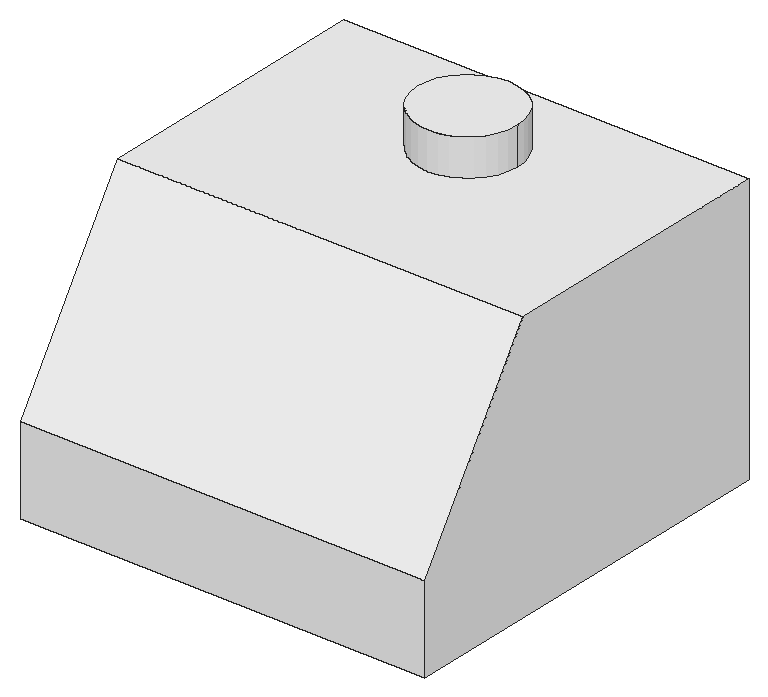
Revit family "v-624_6047k(l)8_k9(-bk)(-bl)_50Hz", category 機械設備, Revit 2019
Family settings
  丸型コネクタ寸法 = 直径を使用
  パーツ タイプ = 標準
  OmniClass 番号 = 23.75.35.17.27
  OmniClass タイトル = Centrifugal Fans
  作業面ベース = いいえ
  常に垂直 = はい
  ロード時にボイドで切り取り = いいえ
  共有 = いいえ
  部屋計算ポイント = いいえ
Parameters (values of type "V-602K9-M")
  騒音レベル(dB(A)) = 36
  風量 = 445.0 m³/h
  電源種別 [instance] = ""
  電圧 = 100 V
  電動機出力 = 0 W
  電動機_種別 = ""
  集中コントローラ = ""
  運転質量 = 0.00 kg
  連動 [instance] = ""
  質量 = if(製品質量 > 運転質量, 製品質量, 運転質量) * 1.2  # 16.80 kg
  負荷分類 = 3_ファン類
  説明 = "レンジフードファン 深形 上幕板なしタイプ"
  設計風量 = 0.0 m³/h
  設置方法 = "天吊"
  記号 [instance] = ""
  製造元 = "三菱電機株式会社"
  製品質量 = 14.00 kg
  製品出荷対象 = "国内"
  製品リリース年月 = "2022年6月1日"
  製品グループ = ""
  系統 [instance] = ""
  符号 = if(☑給気／□排気, "FS", "FE")  # "FE"
  積算_科目 = "2 換気設備"
  積算_拾い区分 [instance] = ""
  相 = 1
  盤記号 [instance] = ""
  発停方法 [instance] = ""
  特殊仕様 [instance] = ""
  火災停止 [instance] = ""
  消費電力 = 50 W
  法定耐用年数 = "15"
  機外静圧_排気 = 210.0 Pa
  機外静圧 = 0.0 Pa
  極数 = 2
  材質 [instance] = ""
  操作・制御方式 = ""
  操作・制御スイッチ = ""
  排気量 = 0.0 m³/h
  形式 = "片吸込形"
  幹線記号 [instance] = ""
  対象室 [instance] = ""
  実風量 = 0.0 m³/h
  始動方式 [instance] = "直入"
  天吊用穴_D_後・上配管 = 255 mm
  天吊用穴_D_右・左配管 = 290 mm
  天吊用穴_ピッチ = 480 mm
  外気量 = 0.0 m³/h
  呼称 = "遠心送風機"
  周波数 = 50 Hz
  参照している仕様書等のバージョン = ""
  分類コード = "50052503100060"
  分類グループ = ""
  価格 = 86900
  企業コード = "108420"
  付属品_フィルター_還気 = ""
  付属品_フィルター = ""
  付属品 [instance] = ""
  仕様書バージョン = "Version1.0"
  モデル = "V-602K9-M"
  マテリアル = 鋼板(白)
  ファンの種類 = ""
  ダクト径 = 150 mm
  コメント [instance] = ""
  Keynote = ""
  Assembly Code = ""
  ☑給気／□排気 = no
  Width = 600 mm
  W1 = Width / 2  # 300 mm
  Version = ""
  Uniclass2015Version = "Systems v1.9"
  Uniclass2015Title = "Centrifugal fans"
  Uniclass2015Code = "Pr_65_67_29_12"
  URL = "https://www.mitsubishielectric.co.jp/ldg/wink/ssl/displayProduct.do?pid=320892"
  SpecificationReference = ""
  SpecificationDescription = ""
  Revision = ""
  ProductInformation = ""
  OmniClassCode = "23-33 31 19 13 15"
  MIN風量 = 295.0 m³/h
  MIN静圧 = 0.0 Pa
  MID風量 = 0.0 m³/h
  MID静圧 = 0.0 Pa
  MAX風量 = 445.0 m³/h
  MAX静圧 = 0.0 Pa
  IfcTypeProduct = ""
  IfcProduct = ""
  IfcExportType = "CENTRIFUGALFORWARDCURVED"
  IfcExportAs = "IfcFanType"
  Height = 400 mm
  H2 = 600 mm
  H1 = 129 mm
  EAサイズ_D = 148 mm
  Duct_Height = 55 mm
  Duct_D = 145 mm
  Depth = 600 mm
  D3 = 55 mm
  D2 = 400 mm
  D1 = 419 mm
  Clearance Top = 0 mm
  Clearance Right = 0 mm
  Clearance Left = 0 mm
  Clearance Front = 0 mm
  Clearance Bottom = 0 mm
  Clearance Back = 0 mm
  Author = "三菱電機株式会社"
Types (2, lengths in mm): name | モデル | マテリアル | URL
  V-602K9-M | "V-602K9-M" | 鋼板(白) | "https://www.mitsubishielectric.co.jp/ldg/wink/ssl/displayProduct.do?pid=320892"
  V-602K9-BK-M | "V-602K9-BK-M" | 鋼板(黒) | "https://www.mitsubishielectric.co.jp/ldg/wink/ssl/displayProduct.do?pid=320891"
Reference planes
  plane 1 "中心(正面/背面)": y = 0
  plane 2: z = 0
  plane 3 "中心(左/右)": x = 0
  plane 4: x = -300
  plane 5: x = 300
  plane 6: y = -600
  plane 7: z = -400
  plane 8: z = -271
  plane 9: z = 55
  plane 10: y = -300
  plane 11: y = -419
  plane 12: y = -145
  plane 13: x = -240
  plane 14: x = 240
  plane 15: y = -255
  plane 16: y = -290
  plane 17: x = -150
  plane 18: x = 150
Forms (mm)
  Extrusion 1, solid, material "鋼板(白)" <- "マテリアル", detail levels fine
    sketch origin (0, 0, 0) x (1, 0, 0) y (0, 1, 0)
      loop
        line (-300, 0) -> (-300, -419) -> (300, -419) -> (300, 0) -> (-300, 0)
    from -400 to 0
  Blend 2, solid, material "鋼板(白)" <- "マテリアル", detail levels fine
    base sketch origin (0, 0, 0) x (1, 0, 0) y (0, 0, 1)
      loop
        line (-300, -400) -> (300, -400) -> (300, 0) -> (-300, 0) -> (-300, -400)
    top sketch origin (0, 0, 0) x (1, 0, 0) y (0, 0, 1)
      loop
        line (-300, -400) -> (300, -400) -> (300, -271) -> (-300, -271) -> (-300, -400)
    from 419 to 600
  Extrusion 3, solid, material "鋼板(白)" <- "マテリアル", detail levels fine
    sketch origin (0, 0, 0) x (1, 0, 0) y (0, 1, 0)
      loop
        circle (0, -145) r 74
    from 0 to 55
Cuts and joins
  joined: Extrusion 1, Blend 2
Lines and regions (mm)
  Masking region 1, detail levels coarse+medium
    outline origin (1326.5, 29, 0) x (1, 0, 0) y (0, 1, 0)
      loop
        line (-1626.5, -29) -> (-1626.5, -629) -> (-1026.5, -629) -> (-1026.5, -29) -> (-1626.5, -29)
  symbolic lines, detail levels coarse+medium
    curve 1: circle (-150, -300, 0) r 150 normal (0, 0, 1)
    curve 2: circle (150, -300, 0) r 150 normal (0, 0, 1)
Dimensions and locks
  equal spacing: plane 4, plane 3 "中心(左/右)", plane 5
  "Width": plane 4 to plane 5
  equal spacing: plane 6, plane 10, plane 1 "中心(正面/背面)"
  "Depth": plane 1 "中心(正面/背面)" to plane 6
  "D1": plane 1 "中心(正面/背面)" to plane 11
  "Duct_D": plane 1 "中心(正面/背面)" to plane 12
  "Height": level to plane 7
  "Duct_Height": plane 9 to level
  "H1": plane 8 to plane 7
  "天吊用穴_ピッチ": plane 13 to plane 14
  equal spacing: plane 13, plane 3 "中心(左/右)", plane 14
  "天吊用穴_D_後・上配管": plane 1 "中心(正面/背面)" to plane 15
  "天吊用穴_D_右・左配管": plane 1 "中心(正面/背面)" to plane 16
  equal spacing: plane 4, plane 17, plane 3 "中心(左/右)"
  equal spacing: plane 3 "中心(左/右)", plane 18, plane 5
  "EAサイズ_D": diameter of Extrusion 3 sketch curve
  "W1": diameter of curve 1
  "W1": diameter of curve 2
  aligned and locked: level to plane 2
  aligned and locked: Masking region 1 to plane 4
  aligned and locked: plane 5 to Masking region 1
  aligned and locked: Masking region 1 to plane 6
  aligned and locked: Masking region 1 to plane 1 "中心(正面/背面)"
  aligned and locked: plane 1 "中心(正面/背面)" to Extrusion 1 sketch curve
  aligned and locked: plane 4 to Extrusion 1 sketch curve
  aligned and locked: plane 11 to Extrusion 1 sketch curve
  aligned and locked: Extrusion 1 sketch curve to plane 5
  aligned and locked: Blend 2 sketch curve to plane 7  (x2)
  aligned and locked: level to Blend 2 sketch curve
  aligned and locked: Blend 2 sketch curve to plane 5
  aligned and locked: Blend 2 sketch curve to plane 4
  aligned and locked: var sketch to Blend 2 sketch curve
  aligned and locked: Extrusion 1 to plane 7
  aligned and locked: level to Extrusion 1
  aligned and locked: Blend 2 to plane 6
  aligned and locked: plane 11 to Blend 2
  aligned and locked: plane 9 to Extrusion 3
  aligned and locked: Extrusion 3 to level
  aligned and locked: plane 8 to Blend 2 sketch curve
  aligned and locked: nested 1 to plane 16
  aligned and locked: plane 15 to nested 1
  aligned and locked: plane 13 to nested 1
  aligned and locked: plane 14 to nested 1
Automatic sketch dimensions
  Masking region 1 sketch curve to plane 4 = 0 mm
  Masking region 1 sketch curve to plane 5 = 0 mm
  Masking region 1 sketch curve to plane 6 = 0 mm
  plane 1 "中心(正面/背面)" to Masking region 1 sketch curve = 0 mm
  Blend 2 sketch curve to plane 4 = 0 mm
  Extrusion 3 sketch curve to plane 3 "中心(左/右)" = 0 mm
  Extrusion 3 sketch curve to plane 12 = 0 mm
  curve 1 to plane 10 = 0 mm
  curve 1 to plane 17 = 0 mm
  curve 2 to plane 10 = 0 mm
  curve 2 to plane 18 = 0 mm
Nested families
  nested 1: "固定点" at (-240, -290, 0), type "固定点"
    with W 480 mm, D 35 mm
Connectors
  hvac at (0, -145, 55), driven by "ダクト径", driven by "機外静圧", driven by "風量"
    settings: on Extrusion 3, index 1, duct flow 445.0 m³/h, flow factor 0, pres drop 0.0 Pa, loss coef 0, conn angle 0.00°, conn width 304.8 mm, conn height 304.8 mm, conn diameter 150 mm, duct sys type 3, conn prof type 0, flow config 0, flow direction 2, loss method 4, conn ref index -1, conn util no, is conn primary yes, conn desc ""
  electrical at (0, -209.5, 0), driven by "極数", driven by "負荷分類", driven by "電圧", driven by "消費電力"
    settings: on cut or joined group of Extrusion 1, Blend 2, index 2, voltage 100 V, apparent load 50 VA, apparent load phase1 0 VA, apparent load phase2 0 VA, apparent load phase3 0 VA, power factor 1, load classification "3_ファン類", number of poles 2, system type 30, power factor state 1, is connector primary yes, connector utility no, sub classification motor no, connector description ""
Definition of nested family "固定点"
  Parameters (values of type "固定点")
    中心円 = 20 mm
    W [instance] = 1000 mm
    D [instance] = 1000 mm
  Reference planes
    plane 1 "中心(正面/背面)": y = 0
    plane 2: z = 0
    plane 3 "中心(左/右)": x = 0
    plane 4: x = 1000
    plane 5: y = 1000
  Lines and regions (mm)
    symbolic lines, detail levels fine
      curve 1: circle (0, 1000, 0) r 10 normal (0, 0, 1)
      curve 2: circle (0, 0, 0) r 10 normal (0, 0, 1)
      curve 3: circle (1000, 1000, 0) r 10 normal (0, 0, 1)
      curve 4: circle (1000, 0, 0) r 10 normal (0, 0, 1)
      curve 5: line (-200, 1000, 0) -> (1200, 1000, 0)
      curve 6: line (-200, 0, 0) -> (1200, 0, 0)
      curve 7: line (0, 1200, 0) -> (0, -200, 0)
      curve 8: line (1000, 1200, 0) -> (1000, -200, 0)
  Dimensions and locks
    "W": plane 3 "中心(左/右)" to plane 4
    "D": plane 1 "中心(正面/背面)" to plane 5
    "中心円": diameter of curve 1
    "中心円": diameter of curve 2
    "中心円": diameter of curve 3
    "中心円": diameter of curve 4
    aligned and locked: level to plane 2
    aligned and locked: plane 5 to curve 1
    aligned and locked: plane 3 "中心(左/右)" to curve 1
    aligned and locked: plane 3 "中心(左/右)" to curve 2
    aligned and locked: plane 1 "中心(正面/背面)" to curve 2
    aligned and locked: plane 4 to curve 3
    aligned and locked: plane 5 to curve 3
    aligned and locked: plane 1 "中心(正面/背面)" to curve 4
    aligned and locked: plane 4 to curve 4
    aligned and locked: plane 1 "中心(正面/背面)" to curve 6
    aligned and locked: curve 7 to plane 3 "中心(左/右)"
    aligned and locked: curve 8 to plane 4
  Automatic sketch dimensions
    curve 5 to plane 5 = 0 mm
    curve 6 to plane 3 "中心(左/右)" = 200 mm
    curve 5 to plane 3 "中心(左/右)" = 200 mm
    curve 4 to curve 6 = 200 mm
    curve 3 to curve 5 = 200 mm
    plane 1 "中心(正面/背面)" to curve 8 = 200 mm
    plane 1 "中心(正面/背面)" to curve 7 = 200 mm
    curve 3 to curve 8 = 200 mm
    curve 1 to curve 7 = 200 mm
